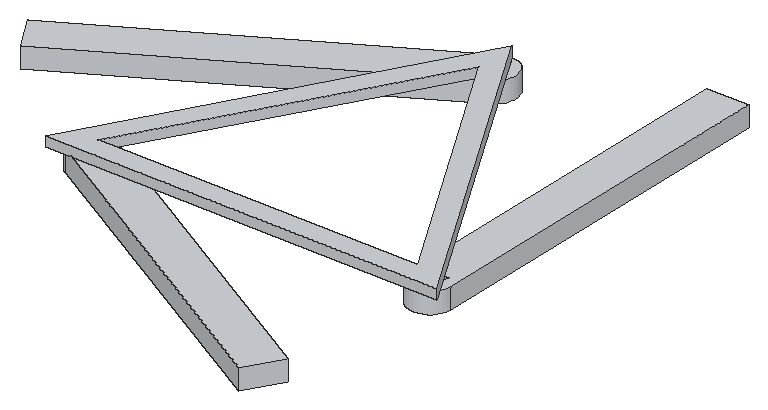
Revit family
Parameters (values of type "provaestrema")
  triangolointernomin [instance] = (latotriangolo / 2) * sin(60.00°)  # 433.013 mm
  spessoreinternotriangolo [instance] = latotriangolo / 10  # 100 mm
  quotatriangolo [instance] = quota + altezzalistelli  # 500 mm
  quota [instance] = passo * (altezzalistelli + altezzaitriangolointerno)  # 450 mm
  passo [instance] = 6
  passetto [instance] = passo ^ 2  # 36
  lunghezzasta [instance] = latotriangolo - 2 * (distriangolointest) + 36 mm * passo - ((latotriangolo - 2 * (distriangolointest)) / 36) * passo  # 905 mm
  lunghezzalatofiaccola [instance] = (latotriangolo - 2 * (distriangolointest)) + 1 mm * passetto  # 862.8 mm
  latotriangolo = 1000 mm
  distriangolointest [instance] = 86.6 mm
  baricentricobasso [instance] = (latotriangolo / 2) ^ 2 / (sqrt(3) * latotriangolo / 2)  # 288.675 mm
  baricentricoalto [instance] = sqrt(3) * latotriangolo / 2 - baricentricobasso  # 577.35 mm
  assiale [instance] = spessoreinternotriangolo / 2  # 50 mm
  angolomax [instance] = if(angolo > 180.00°, 180.00°, angolo)  # 30.00°
  angolo [instance] = passo * 5.00°  # 30.00°
  altezzalistelli = 50 mm
  altezzaitriangolointerno [instance] = altezzalistelli / 2  # 25 mm
  Assembly Code = ""
Reference planes
  plane 1 "Centro (Fronte/Retro)": y = 0
  plane 2: z = 0
  plane 3 "Centro (Sinistra/Destra)": x = 0
  plane 4: y = -288.675
  plane 5: through (286.936, 1074.338, 1200) normal (-0.866, 0.5, 0)
  plane 6: through (-286.936, 1074.338, 1200) normal (-0.866, -0.5, 0)
  plane 7: x = 500
  plane 8: x = -500
  plane 9: y = 577.35
  plane 10: through (-3142.254, 4287.843, 1200) normal (0.866, 0.5, 0)
  plane 11: through (3000, 4041.452, 1200) normal (0.866, -0.5, 0)
  plane 12: through (-605.59, 1426.263, 1200) normal (0.866, 0.5, 0)
  plane 13: y = -188.675
  plane 14: through (1129.259, 2333.284, 1200) normal (0.866, -0.5, 0)
  plane 15: through (-3055.652, 4337.843, 1200) normal (0.866, 0.5, 0)
  plane 16: x = -413.4
  plane 17: through (2913.397, 4091.452, 1200) normal (0.866, -0.5, 0)
  plane 18: x = 413.4
  plane 19: y = -238.675
  plane 20: y = 477.35
  plane 21 "pianomobile": z = 450
  plane 22: through (-2767.254, 4504.35, 1200) normal (0.866, 0.5, 0)
  plane 23: through (2625, 4257.958, 1200) normal (0.866, -0.5, 0)
  plane 24 "panofiaccola": z = 500
  plane 25: z = 525
  plane 26: through (-1185.556, 2530.793, 1200) normal (0.866, 0.5, 0)
  plane 27: through (1085.958, 2358.284, 1200) normal (0.866, -0.5, 0)
Forms (mm)
  Extrusion 1, solid
    sketch origin (370.353, -691.171, 450) x (-0.866025, 0.5, 0) y (-0.5, -0.866025, 0)
      loop
        line (905, 50) -> (0, 50) -> (0, -50) -> (905, -50)
        arc (905, -50) -> (955, 0) -> (905, 50) r 50
    from 0 to 50
  Extrusion 2, solid
    sketch origin (413.4, 666.329, 450) x (0, -1, 0) y (1, 0, 0)
      loop
        line (905, 50) -> (0, 50) -> (0, -50) -> (905, -50)
        arc (905, -50) -> (955, 0) -> (905, 50) r 50
    from 0 to 50
  Extrusion 3, solid
    sketch origin (-783.753, 24.85, 450) x (0.866025, 0.5, 0) y (-0.5, 0.866025, 0)
      loop
        arc (905, -50) -> (955, 0) -> (905, 50) r 50
        line (905, 50) -> (0, 50) -> (0, -50) -> (905, -50)
    from 0 to 50
  Extrusion 4, void
    sketch origin (0, 0, 0) x (1, 0, 0) y (0, 1, 0)
      loop
        line (388.4, -238.675) -> (388.4, -263.675) -> (438.4, -263.675) -> (438.4, -213.675) -> (388.4, -213.675) -> (388.4, -238.675)
    from 0 to 10000
  Extrusion 5, void
    sketch origin (0, 0, 0) x (-0.5, 0.866025, 0) y (-0.866025, -0.5, 0)
      loop
        line (388.397, -238.675) -> (388.397, -263.675) -> (438.397, -263.675) -> (438.397, -213.675) -> (388.397, -213.675) -> (388.397, -238.675)
    from 0 to 10000
  Extrusion 6, void
    sketch origin (0, 0, 0) x (-0.5, -0.866025, 0) y (0.866025, -0.5, 0)
      loop
        line (388.403, -238.675) -> (388.403, -263.675) -> (438.403, -263.675) -> (438.403, -213.675) -> (388.403, -213.675) -> (388.403, -238.675)
    from 0 to 10000
  Sweep 7, solid
    path in 3D
      loop
        line (431.4, -269.856, 500) -> (0, 477.35, 500) -> (-431.4, -269.856, 500) -> (431.4, -269.856, 500)
    profile origin (0, -269.856, 500) x (0, 1, 0) y (0, 0, 1)
      loop
        line (-25, 25) -> (-25, 0) -> (25, 0) -> (25, 25) -> (-25, 25)
Cuts and joins
  Extrusion 4, Extrusion 5 cuts Extrusion 2
  Extrusion 4, Extrusion 6 cuts Extrusion 1
  Extrusion 5, Extrusion 6 cuts Extrusion 3
Lines and regions (mm)
  model lines
    curve 1: line (0, 577.35, 450) -> (-500, -288.675, 450)
    curve 2: line (-500, -288.675, 450) -> (500, -288.675, 450)
    curve 3: line (500, -288.675, 450) -> (0, 577.35, 450)
    curve 4: circle (413.4, -238.671, 450) r 50 normal (0, 0, 1)
    curve 7: circle (-413.4, -238.671, 450) r 50 normal (0, 0, 1)
  reference lines
    curve 5: line (413.4, -238.671, 450) -> (0, 0, 450)
    curve 6: line (-413.4, -238.671, 450) -> (0, 0, 450)
    curve 8: line (-783.753, 24.85, 450) -> (0, 477.35, 450)
    curve 9: line (370.353, -691.171, 450) -> (-413.4, -238.671, 450)
    curve 10: line (413.4, 666.329, 450) -> (413.4, -238.671, 450)
    curve 11: line (431.4, -269.856, 500) -> (0, 477.35, 500)
    curve 12: line (-431.4, -269.856, 500) -> (0, 477.35, 500)
    curve 13: line (-431.4, -269.856, 500) -> (431.4, -269.856, 500)
    curve 14: line (0, 477.35, 450) -> (0, 0, 450)
  sketch lines
    curve 15: line (-431.4, -269.856, 500) -> (431.4, -269.856, 500)
    curve 16: line (431.4, -269.856, 500) -> (0, 477.35, 500)
    curve 17: line (-431.4, -269.856, 500) -> (0, 477.35, 500)
Dimensions and locks
  plane 5 to curve 1 = 0 mm
  plane 6 to curve 3 = 0 mm
  equal spacing: plane 8, plane 3 "Centro (Sinistra/Destra)", plane 7
  "latotriangolo": plane 8 to plane 7
  "baricentricobasso": plane 1 "Centro (Fronte/Retro)" to plane 4
  "baricentricoalto": plane 9 to plane 1 "Centro (Fronte/Retro)"
  "spessoreinternotriangolo": plane 6 to plane 12
  "spessoreinternotriangolo": plane 13 to plane 4
  "spessoreinternotriangolo": plane 14 to plane 5
  locked: plane 15 to plane 10 at 100
  locked: plane 11 to plane 17 at 100
  "distriangolointest": plane 18 to plane 7
  locked: plane 9 to plane 20 at 100
  locked: plane 19 to plane 4 at 50
  "lunghezzasta": curve 8 to curve 8
  "lunghezzasta": curve 9 to curve 9
  "lunghezzasta": curve 10 to curve 10
  "distriangolointest": plane 8 to plane 16
  "quota": plane 21 "pianomobile" to plane 2
  "triangolointernomin": plane 22 to plane 10
  "triangolointernomin": plane 11 to plane 23
  "altezzalistelli": plane 24 "panofiaccola" to plane 21 "pianomobile"
  "altezzaitriangolointerno": plane 25 to plane 24 "panofiaccola"
  "lunghezzalatofiaccola": curve 12 to curve 12
  "lunghezzalatofiaccola": curve 11 to curve 11
  locked: plane 6 to curve 11 at 50
  locked: curve 12 to plane 5 at 50
  "lunghezzalatofiaccola": curve 13 to curve 13
  "assiale": plane 26 to plane 12
  "assiale": plane 27 to plane 5
  "quotatriangolo": plane 24 "panofiaccola" to level
  locked: plane 4 to plane 5 (angle 60.00°)
  locked: plane 6 to plane 4 (angle 60.00°)
  locked: plane 5 to plane 6 (angle 60.00°)
  locked: plane 5 to plane 8 (angle 30.00°)  (x2)
  locked: plane 7 to plane 6 (angle 30.00°)
  locked: plane 8 to plane 10 (angle 30.00°)  (x2)
  locked: plane 11 to plane 7 (angle 30.00°)
  locked: curve 13 to curve 12 (angle 60.00°)
  "angolomax": angle curve 10 to plane 26
  "angolomax": angle curve 8 to plane 27
  "angolomax": angle curve 9 to plane 19
  aligned and locked: plane 24 "panofiaccola" to cut or joined group of Extrusion 1, Extrusion 4, Extrusion 6
  aligned and locked: cut or joined group of Extrusion 1, Extrusion 4, Extrusion 6 to plane 24 "panofiaccola"
  aligned and locked: plane 24 "panofiaccola" to cut or joined group of Extrusion 2, Extrusion 4, Extrusion 5
  aligned and locked: plane 24 "panofiaccola" to cut or joined group of Extrusion 3, Extrusion 5, Extrusion 6
  aligned and locked: Sweep 7 sketch curve to plane 25
Automatic sketch dimensions
  curve 4 to curve 5 = 0 mm  (x2)
  curve 7 to curve 6 = 0 mm  (x2)
  curve 9 to curve 6 = 0 mm  (x2)
  curve 10 to curve 5 = 0 mm  (x2)
  Extrusion 1 sketch curve to curve 9 = 0 mm  (x3)
  Extrusion 1 sketch curve to curve 9 = 50 mm
  Extrusion 2 sketch curve to curve 10 = 0 mm  (x3)
  Extrusion 2 sketch curve to curve 10 = 50 mm
  Extrusion 3 sketch curve to curve 8 = 0 mm  (x3)
  Extrusion 3 sketch curve to curve 8 = 50 mm
  Extrusion 4 sketch curve to Extrusion 4 sketch curve = 25 mm  (x2)
  Extrusion 4 sketch curve to Extrusion 4 sketch curve = 50 mm
  Extrusion 6 sketch curve to Extrusion 6 sketch curve = 25 mm  (x2)
  Extrusion 6 sketch curve to Extrusion 6 sketch curve = 50 mm
  Extrusion 4 sketch curve to plane 19 = 0 mm
  plane 18 to Extrusion 4 sketch curve = 25 mm
  Extrusion 6 sketch curve to plane 5 = 50 mm
  Extrusion 6 sketch curve to plane 16 = 12.5 mm
  plane 6 to Extrusion 5 sketch curve = 50 mm
  plane 3 "Centro (Sinistra/Destra)" to Extrusion 5 sketch curve = 12.5 mm
  Extrusion 5 sketch curve to Extrusion 5 sketch curve = 50 mm
  plane 6 to Extrusion 5 sketch curve = 25 mm
  Extrusion 5 sketch curve to Extrusion 5 sketch curve = 25 mm
  curve 1 to plane 4 = 0 mm
  curve 13 to curve 12 = 0 mm  (x2)
  curve 5 to plane 17 = 0 mm
  curve 5 to plane 18 = 0 mm
  curve 6 to plane 1 "Centro (Fronte/Retro)" = 0 mm
  curve 6 to plane 3 "Centro (Sinistra/Destra)" = 0 mm
  curve 6 to plane 15 = 0 mm
  curve 6 to plane 16 = 0 mm
  curve 14 to plane 20 = 0 mm
  curve 8 to curve 14 = 0 mm  (x2)
  Sweep 7 sketch curve to profile plane = 0 mm
  profile plane to Sweep 7 sketch curve = 25 mm
  Sweep 7 sketch curve to profile plane = 25 mm
  radius of curve 4 = 50 mm
  radius of curve 7 = 50 mm
